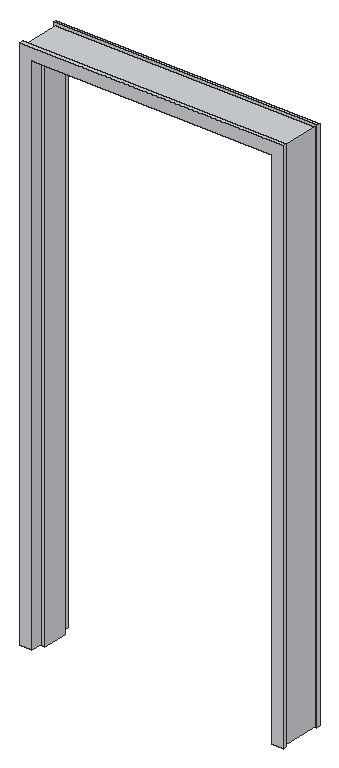
Revit family "BG_DOR_Swing-Single", category Doors, host Wall, Revit 2020
Family settings
  Host = Wall
  OmniClass Number = 23.30.10.00
  OmniClass Title = Doors
  Always vertical = Yes
  Cut with Voids When Loaded = No
  Shared = No
  Room Calculation Point = No
Parameters (values of type "D.SGL - 920x2040")
  Throat I [instance] = (BG_DIM_HostThickness1 / 2) + BG_DIMd_ThroatOffsetI  # 75 mm
  Throat E [instance] = (BG_DIM_HostThickness1 / 2) + BG_DIMd_ThroatOffsetE  # 75 mm
  Hinge gap = 3 mm
  Hinge count [instance] = 3
  Function = Interior
  Height = BG_DIMd_LeafHeight1 + BG_DIMd_FrameWidth1  # 2080 mm
  Wall Closure = By host
  Width = BG_DIMd_LeafWidth1 + (2 * BG_DIMd_FrameWidth1)  # 1000 mm
  Frame type [instance] = BG_DORc_DoorFrame-DoubleRebate : Double Rebate
  BG_MATd_Frame1 = none
  BG_DIMd_ThroatOffsetI [instance] = 0 mm
  BG_DIMd_ThroatOffsetE [instance] = 0 mm
  BG_DIMd_Swing3DAngle1 [instance] = 0.00°
  BG_DIMd_LeafWidth1 = 920 mm
  BG_DIMd_LeafThickness1 = 40 mm
  BG_DIMd_LeafHeight1 = 2040 mm
  BG_DIMd_FrameWidth1 = 40 mm
  BG_DIM_HostThickness1 [instance] = 150 mm
Reference planes
  plane 1: y = 0
  plane 2 "Center (Left/Right)": x = 0
  plane 3 "Left": x = -500
  plane 4 "Right": x = 500
  plane 5: z = 2080
  plane 6 "Exterior": y = 75
  plane 7 "Interior": y = -75
  plane 8: y = 75
  plane 9: y = 87
  plane 10: y = 47
  plane 11 "2": x = 460
  plane 12 "3": x = 463
Lines and regions (mm)
  Opening 1
    outline origin (-3050, -75, 0) x (1, 0, 0) y (0, 0, 1)
      loop
        line (2550, 0) -> (3550, 0) -> (3550, 2080) -> (2550, 2080) -> (2550, 0)
  symbolic lines, style "Elevation Swing"
    curve 1: line (500, -75, 1040) -> (-500, -75, 2080)
    curve 2: line (500, -75, 1040) -> (-500, -75, 0)
Text (mm)
  text "Exterior" at (-2295.016, 1099.543, 0), in view "Ref. Level"
  text "Exterior" at (0, 1615.38, 3698.081), in view "Left"
  text "Exterior" at (0, 1036.032, 3874.932), in view "Right"
Dimensions and locks
  equal spacing: plane 3 "Left", plane 2 "Center (Left/Right)", plane 4 "Right"
  "Width": plane 3 "Left" to plane 4 "Right"
  "Height": plane 5 to host wall
  equal spacing: host wall, curve 2, plane 5
  host wall to plane 5 = 2080 mm
  locked: plane 6 "Exterior" to host wall
  locked: plane 7 "Interior" to host wall
  "BG_DIM_HostThickness1": host wall to host wall
  "BG_DIMd_LeafThickness1": plane 9 to plane 10
  locked: plane 9 to plane 8 at 12
  "BG_DIMd_ThroatOffsetE": plane 8 to plane 6 "Exterior"
  "BG_DIMd_FrameWidth1": plane 11 "2" to plane 4 "Right"
  "Hinge gap": plane 11 "2" to plane 12 "3"
  aligned and locked: plane 3 "Left" to Opening 1 sketch curve
  aligned and locked: plane 5 to Opening 1 sketch curve  (x2)
  aligned and locked: Opening 1 sketch curve to plane 4 "Right"
  aligned and locked: Opening 1 sketch curve to level
  aligned and locked: plane 5 to curve 1
  aligned and locked: plane 3 "Left" to curve 2
  aligned and locked: plane 1 to host wall
  aligned and locked: plane 3 "Left" to curve 1
  aligned and locked: plane 4 "Right" to nested 1
  aligned and locked: plane 1 to nested 1
  aligned and locked: nested 2 to plane 12 "3"
  aligned and locked: nested 2 to plane 9
Automatic sketch dimensions
  plane 4 "Right" to curve 2 = 0 mm
  curve 2 to level = 0 mm
Nested families
  nested 1: "BG_DORc_DoorFrame-DoubleRebate" at (500, 0, 0), Finish <- "BG_MATd_Frame1", Width <- "Width", Height <- "Height", Frame width <- "BG_DIMd_FrameWidth1", type <- "Frame type", Throat E <- "Throat E", Throat I <- "Throat I", Door rebate <- "BG_DIMd_LeafThickness1", Hinge gap <- "Hinge gap", type "Double Rebate"
    with Width 1000 mm, Trim projection V 12 mm, Trim projection H 10 mm, Throat I 75 mm, Throat E 75 mm, Hinge gap 3 mm, Height 2080 mm, Frame width 40 mm, Finish none, Door rebate 40 mm
  nested 2: "BG_DORc_HingeSet-Type1" at (463, 87, 0), Finish <- "BG_MATd_Frame1", Height <- "BG_DIMd_LeafHeight1", Hinge depth <- "BG_DIMd_LeafThickness1", Joint width <- "Hinge gap", Hinge count <- "Hinge count", Angle <- "BG_DIMd_Swing3DAngle1", type "Hinge set", detail levels fine
    with Joint width 3 mm, Hinge thickness 1.5 mm, Hinge spacing 870 mm, Hinge inset 150 mm, Hinge depth 40 mm, Hinge count override 3, Hinge count 3, Height 2040 mm, Finish none, Angle 0.00°
Definition of nested family "BG_DORc_DoorFrame-DoubleRebate"
  Parameters (values of type "Double Rebate")
    Width [instance] = 920 mm
    Trim projection V [instance] = 12 mm
    Trim projection H [instance] = 10 mm
    Throat I [instance] = 50 mm
    Throat E [instance] = 50 mm
    Hinge gap [instance] = 3 mm
    Height [instance] = 2040 mm
    Frame width [instance] = 40 mm
    Finish [instance] = none
    Door rebate [instance] = 40 mm
    Default Elevation = 1219.2 mm
  Reference planes
    plane 1 "Center (Front/Back)": y = 0
    plane 2: z = 0
    plane 3 "Right": x = 0
    plane 4 "Left": x = -920
    plane 5: z = 2040
  Forms (mm)
    Sweep 1, solid, material <- "Finish"
      path origin (0, 0, 0) x (1, 0, 0) y (0, 0, 1)
        loop
          line (-920, 0) -> (-920, 2040) -> (0, 2040) -> (0, 0)
      profile "BG_PRF_DoorFrame-DoubleRebate : Double rebate" origin (-920, 0, 1020) x (-1, 0, 0) y (0, -1, 0)
        loop
          line (10, 62) -> (-37, 62) -> (-37, 22) -> (-55.541, 22) -> (-55.541, -22) -> (-37, -22) -> (-37, -62) -> (10, -62) -> (10, -50) -> (0, -50) -> (0, 50) -> (10, 50) -> (10, 62)
  Dimensions and locks
    "Width": plane 4 "Left" to plane 3 "Right"
    "Height": plane 5 to level
    aligned and locked: level to plane 2
    aligned and locked: Sweep 1 sketch curve to plane 4 "Left"
    aligned and locked: Sweep 1 sketch curve to plane 5
    aligned and locked: Sweep 1 sketch curve to plane 3 "Right"
    aligned and locked: level to Sweep 1 sketch curve  (x2)
Definition of nested family "BG_DORc_HingeSet-Type1"
  Parameters (values of type "Hinge set")
    Joint width [instance] = 3 mm
    Hinge thickness [instance] = Joint width / 2  # 1.5 mm
    Hinge spacing [instance] = (Height - (2 * Hinge inset)) / (Hinge count override - 1)  # 780.766 mm
    Hinge inset [instance] = 239.234 mm
    Hinge height = 75 mm
    Hinge depth [instance] = 35 mm
    Hinge count override [instance] = if(Hinge count < 2, 2, Hinge count)  # 3
    Hinge count [instance] = 3
    Height [instance] = 2040 mm
    Finish [instance] = none
    Default Elevation = 1219.2 mm
    Angle [instance] = 45.00°
  Reference planes
    plane 1 "Center (Front/Back)": y = 0
    plane 2: z = 0
    plane 3 "Center (Left/Right)": x = 0
    plane 4: z = 239.234
    plane 5: z = 2040
    plane 6: z = 1020
  Lines and regions (mm)
    model lines
      curve 1: line (0, 0, 0) -> (0, 0, 2040)
  Dimensions and locks
    "Height": plane 5 to level
    "Hinge inset": plane 4 to level
    "Hinge spacing": plane 6 to plane 4
    equal spacing: group 1, group 2, group 3  (x3)
    aligned and locked: level to plane 2
    aligned and locked: plane 4 to nested 1
    aligned and locked: plane 6 to nested 2
    aligned and locked: plane 3 "Center (Left/Right)" to nested 1
    aligned and locked: plane 3 "Center (Left/Right)" to nested 2
    aligned and locked: plane 1 "Center (Front/Back)" to nested 1
    aligned and locked: plane 1 "Center (Front/Back)" to nested 2
    aligned and locked: plane 5 to curve 1
    aligned and locked: level to curve 1
    aligned and locked: plane 3 "Center (Left/Right)" to curve 1
  Nested families
    nested 1: "BG_DORc_Hinge-Type1" at (-1.5, 0, 239.234), Open angle <- "Angle", type "Hinge"
      with Open angle 45.00°, Hinge depth 35 mm, Height 75 mm
    nested 2: "BG_DORc_Hinge-Type1" at (-1.5, 0, 1020), Open angle <- "Angle", type "Hinge"
      with Open angle 45.00°, Hinge depth 35 mm, Height 75 mm
    nested 3: "BG_DORc_Hinge-Type1" at (-1.5, 0, 1800.766), Open angle <- "Angle", type "Hinge"
      with Open angle 45.00°, Hinge depth 35 mm, Height 75 mm
  Definition of nested family "BG_DORc_Hinge-Type1"
    Parameters (values of type "BG_DORc_Hinge-Type1")
      Width = 0 mm  # constant formula
      Rough Width = 0 mm  # constant formula
      Rough Height = 0 mm  # constant formula
      Open angle [instance] = 30.00°
      Hinge thickness = 1.5 mm
      Hinge depth = 40 mm
      Height = 100 mm
      Finish = none
      Default Elevation = 1219.2 mm
    Reference planes
      plane 1 "Front": y = 0
      plane 2 "Center (Elevation)": z = 0
      plane 3 "Center (Left/Right)": x = 0
      plane 4 "Right": x = 1.5
      plane 5: y = -40
      plane 6: z = 50
      plane 7: z = -50
    Forms (mm)
      Extrusion 1, solid, material <- "Finish"
        sketch origin (0, 0, 0) x (0, 1, 0) y (-1, 0, 0)
          loop
            line (0.75, 1.299) -> (-33.891, 21.299) -> (-34.641, 20) -> (0, 0) -> (0.75, 1.299)
        from -50 to 50
      Extrusion 2, solid, material <- "Finish"
        sketch origin (0, 0, 0) x (1, 0, 0) y (0, 1, 0)
          loop
            line (1.5, -40) -> (1.5, 0)
            arc (1.5, 0) -> (1.061, -1.061) -> (0, -1.5) r 1.5
            line (0, -1.5) -> (0, -40) -> (1.5, -40)
        from -50 to 50
      Extrusion 3, solid, material <- "Finish"
        sketch origin (0, 0, 0) x (1, 0, 0) y (0, 1, 0)
          loop
            circle (0, 0) r 1.5
        from -50 to 50
    Cuts and joins
      joined: Extrusion 1, Extrusion 3
    Lines and regions (mm)
      reference lines
        curve 1: line (0, 0, 0) -> (1.5, 0, 0)
        curve 2: line (0, 0, 0) -> (-20, -34.641, 0)
        curve 3: line (0, 0, 0) -> (-1.299, 0.75, 0)
        curve 4: line (-1.299, 0.75, 0) -> (-21.299, -33.891, 0)
        curve 5: line (-20, -34.641, 0) -> (-21.299, -33.891, 0)
    Dimensions and locks
      "Hinge thickness": curve 2 to curve 4
      "Hinge thickness": plane 3 "Center (Left/Right)" to plane 4 "Right"
      "Hinge depth": plane 1 "Front" to plane 5
      "Hinge depth": curve 3 to curve 5
      equal spacing: plane 6, level, plane 7
      "Height": plane 6 to plane 7
      "Hinge thickness": radius of Extrusion 3 sketch curve
      "Hinge thickness": radius of Extrusion 2 sketch curve
      locked: cut or joined group of Extrusion 1, Extrusion 3 to cut or joined group of Extrusion 1, Extrusion 3 (angle 90.00°)
      locked: cut or joined group of Extrusion 1, Extrusion 3 to curve 3 (angle 90.00°)
      "Open angle": angle curve 4 to plane 3 "Center (Left/Right)"
      aligned and locked: level to plane 2 "Center (Elevation)"
      aligned and locked: plane 3 "Center (Left/Right)" to curve 1
      aligned and locked: plane 1 "Front" to curve 1
      aligned and locked: Extrusion 2 sketch curve to plane 4 "Right"
      aligned and locked: Extrusion 2 sketch curve to plane 5
      aligned and locked: plane 4 "Right" to curve 1
      aligned and locked: plane 1 "Front" to Extrusion 3 sketch curve
      aligned and locked: plane 3 "Center (Left/Right)" to Extrusion 2 sketch curve  (x2)
      aligned and locked: plane 3 "Center (Left/Right)" to Extrusion 3 sketch curve
      aligned and locked: plane 1 "Front" to Extrusion 2 sketch curve
      aligned and locked: plane 6 to Extrusion 1
      aligned and locked: plane 6 to Extrusion 3
      aligned and locked: plane 6 to Extrusion 2
      aligned and locked: plane 7 to Extrusion 1
      aligned and locked: plane 7 to Extrusion 2
      aligned and locked: plane 7 to Extrusion 3
      aligned and locked: Extrusion 1 sketch curve to curve 4
      aligned and locked: Extrusion 1 sketch curve to curve 2
      aligned and locked: Extrusion 1 sketch curve to curve 5
      aligned and locked: Extrusion 1 sketch curve to curve 3
